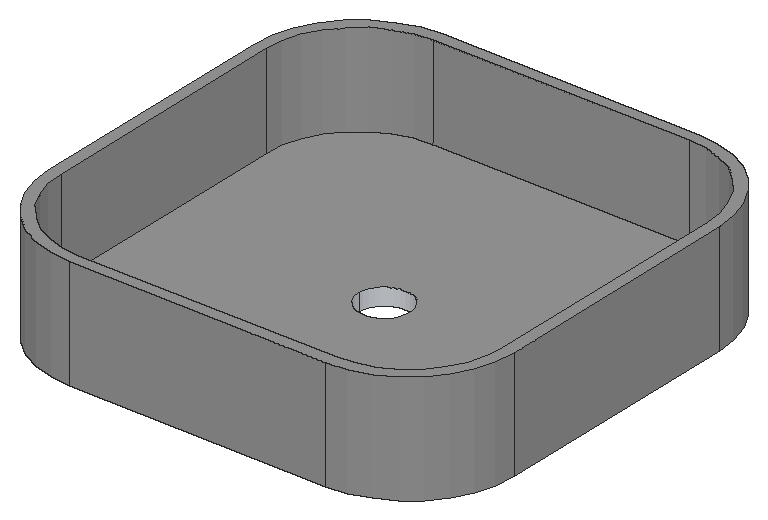
Revit family "L.AXOS", category Plumbing Fixtures, Revit 2019
Family settings
  Round Connector Dimension = Use Diameter
  Part Type = Normal
  OmniClass Number = 23.45.00.00
  OmniClass Title = Sanitary, Laundry, and Cleaning Equipment
  Work Plane-Based = No
  Always vertical = Yes
  Cut with Voids When Loaded = No
  Shared = No
  Room Calculation Point = No
Reference planes
  plane 1 "Center (Front/Back)": y = 0
  plane 2: z = 0
  plane 3 "Center (Left/Right)": x = 0
Forms (mm)
  Extrusion 1, solid
    sketch origin (0, 0, 0) x (1, 0, 0) y (0, 0, 1)
      loop
        line (0, 95.348) -> (0, 0) -> (400, 0) -> (400, 95.348) -> (0, 95.348)
    from -67.668 to 332.332
  Extrusion 2, void
    sketch origin (0, 0, 0) x (1, 0, 0) y (0, 1, 0)
      loop
        line (90, 67.668) -> (0, 67.668) -> (0, -22.332)
        arc (0, -22.332) -> (26.36, 41.308) -> (90, 67.668) r 90
      loop
        arc (310, 67.668) -> (373.64, 41.308) -> (400, -22.332) r 90
        line (400, -22.332) -> (400, 67.668) -> (310, 67.668)
      loop
        line (0, -242.332) -> (0, -332.332) -> (90, -332.332)
        arc (90, -332.332) -> (26.36, -305.971) -> (0, -242.332) r 90
      loop
        line (310, -332.332) -> (400, -332.332) -> (400, -242.332)
        arc (400, -242.332) -> (373.64, -305.971) -> (310, -332.332) r 90
    from 0 to 150
  Extrusion 3, void
    sketch origin (0, 0, 0) x (1, 0, 0) y (0, 1, 0)
      loop
        line (10, -22.332) -> (10, -242.332)
        arc (10, -242.332) -> (33.431, -298.9) -> (90, -322.332) r 80
        line (90, -322.332) -> (310, -322.332)
        arc (310, -322.332) -> (366.569, -298.9) -> (390, -242.332) r 80
        line (390, -242.332) -> (390, -22.332)
        arc (390, -22.332) -> (366.569, 34.237) -> (310, 57.668) r 80
        line (310, 57.668) -> (90, 57.668)
        arc (90, 57.668) -> (33.431, 34.237) -> (10, -22.332) r 80
    from 14.909 to 250
  Extrusion 4, void
    sketch origin (0, 0, 0) x (1, 0, 0) y (0, 1, 0)
      loop
        circle (200, -132.332) r 22
    from 0 to 14.909
Cuts and joins
  Extrusion 2, Extrusion 3, Extrusion 4 cuts Extrusion 1
Dimensions and locks
  aligned and locked: level to plane 2
